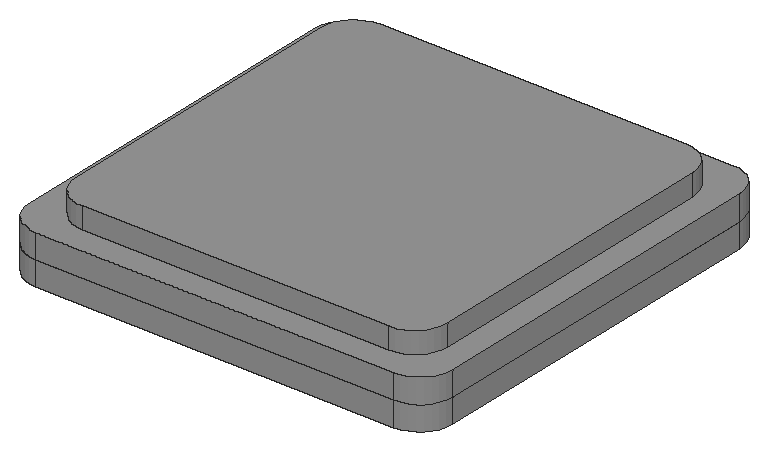
Revit family "FMS2_63_UN_Surface-mounted_ETK", category Lighting Fixtures, Revit 2019 (continued)
Definition of nested family "FMS.2 - Lightsource"
  Types (14, lengths in mm): name | Wattage Comments | Wattage | built-in parameter 1150134 | Photometric Web File | built-in parameter 1150142 | built-in parameter 1150105 | Lumens | built-in parameter 1150107 | built-in parameter 1150106 | Apparent Load
      73\t67.599\r\n64.4551\t61.3241\t58.206\t53.8559\t47.3886\t40.9212\t34.4668\t27.9994\t21.5449\t15.0776\r\n8.6193\t2.1596\t0\t0\t0\t0\t0\t0\t0\t0\r\n0\r\n473.6291\t473.2442\t472.8592\t472.4742\t472.0893\t471.7043\t471.3194\t470.9344\t470.5494\t470.1645\r\n469.6512\t469.1379\t468.6246\t468.1114\t467.5981\t466.9565\t466.4432\t465.8016\t465.2883\t464.6467\r\n464.0051\t463.3635\t462.7219\t462.0803\t461.4387\t460.1555\t458.6157\t457.0758\t455.4077\t453.7395\r\n452.1997\t450.5315\t448.8634\t447.1952\t445.527\t443.8589\t442.1907\t440.3942\t438.7261\t436.9296\r\n435.1331\t433.3366\t431.5402\t429.872\t428.0755\t426.279\t424.4826\t422.6861\t420.7613\t418.1949\r\n415.6285\t412.9338\t410.3674\t407.801\t405.2346\t402.6682\t399.9734\t397.407\t394.8406\t392.2742\r\n389.7078\t387.1414\t384.4467\t381.8803\t379.3139\t376.7475\t374.0528\t371.4864\t368.92\t366.3536\r\n363.6589\t360.7075\t357.4995\t354.4198\t351.2118\t348.0038\t344.7958\t341.5878\t338.3798\t335.3002\r\n332.0922\t329.0125\t325.8045\t322.7248\t319.5168\t316.4371\t313.3574\t310.1494\t307.0698\t303.8618\r\n300.6538\t297.5741\t294.2378\t290.7731\t287.4368\t283.9722\t280.6358\t277.1712\t273.8349\t270.3702\r\n266.9056\t263.5693\t260.1046\t256.7683\t253.3037\t249.9674\t246.631\t243.2947\t239.9584\t236.6221\r\n233.2858\t229.9494\t226.3565\t222.7635\t219.2989\t215.7059\t212.113\t208.6483\t205.0554\t201.5907\r\n197.9978\t194.5331\t191.0685\t187.4755\t184.0109\t180.5462\t176.9533\t173.4886\t170.024\t166.5594\r\n163.0947\t159.6301\t156.1654\t152.7008\t149.2362\t145.7715\t142.3069\t138.8422\t135.3776\t131.913\r\n128.4483\t125.0735\t121.6602\t118.2469\t114.8336\t111.4331\t108.0326\t104.6963\t101.5396\t98.3958\r\n95.2648\t92.1338\t89.0156\t85.8846\t82.7792\t79.6611\t76.5557\t73.4504\t70.3579\t67.2653\r\n64.1728\t61.0932\t58.0135\t54.9338\t50.3784\t43.9239\t37.4566\t31.0021\t24.5476\t18.0931\r\n11.6309\t5.1751\t0\t0\t0\t0\t0\t0\t0\t0\r\n0\r\n473.6291\t473.3725\t472.9875\t472.6026\t472.2176\t471.8326\t471.4477\t470.9344\t470.5494\t470.1645\r\n469.6512\t469.1379\t468.4963\t467.983\t467.3414\t466.8282\t466.1866\t465.545\t464.9034\t464.2618\r\n463.6202\t462.9786\t462.337\t461.567\t460.7971\t460.0272\t459.129\t457.4608\t455.7926\t454.1245\r\n452.4563\t450.9165\t449.12\t447.3235\t445.6554\t443.8589\t442.0624\t440.2659\t438.4694\t436.673\r\n434.8765\t433.08\t431.1552\t429.1021\t427.1773\t425.2525\t423.3277\t421.4029\t419.3498\t417.425\r\n415.3718\t413.3187\t410.7523\t408.0576\t405.4912\t402.7965\t400.1018\t397.407\t394.7123\t392.0176\r\n389.3229\t386.6282\t383.9334\t381.2387\t378.6723\t375.9776\t373.1546\t370.4598\t367.7651\t365.0704\r\n362.3757\t359.681\t356.9862\t354.1632\t351.4685\t348.2605\t345.0525\t341.8445\t338.6365\t335.4285\r\n332.2205\t328.8842\t325.6762\t322.4682\t319.2602\t315.9238\t312.7158\t309.5078\t306.1715\t302.9635\r\n299.7555\t296.5475\t293.3395\t290.2598\t287.1802\t283.9722\t280.5075\t277.0429\t273.5782\t270.1136\r\n266.5206\t263.056\t259.5914\t256.255\t252.7904\t249.4541\t245.9894\t242.5248\t239.1885\t235.8522\r\n232.3875\t229.0512\t225.7149\t222.3786\t219.1706\t215.7059\t212.113\t208.52\t204.927\t201.3341\r\n197.7411\t194.1482\t190.5552\t187.0906\t183.4976\t180.033\t176.5683\t172.9754\t169.5107\t166.0461\r\n162.5814\t159.1168\t155.6522\t152.1875\t148.7229\t145.2582\t141.7936\t138.329\t134.8643\t131.3997\r\n127.9607\t124.5474\t121.1341\t117.7336\t114.3331\t110.9583\t107.5835\t104.2215\t100.8595\t97.5489\r\n94.4435\t91.3382\t88.2585\t85.1788\t82.0991\t79.0323\t75.9783\t72.9243\t69.8702\t66.8291\r\n63.7879\t60.7595\t57.7312\t54.7156\t51.7001\t47.3501\t40.8956\t34.4283\t27.9738\t21.5064\r\n15.0519\t8.5974\t2.1404\t0\t0\t0\t0\t0\t0\t0\r\n0\r\n473.6291\t473.3725\t472.9875\t472.6026\t472.2176\t471.8326\t471.4477\t471.0627\t470.6778\t470.1645\r\n469.5229\t469.0096\t468.4963\t467.8547\t467.3414\t466.6998\t466.0582\t465.4166\t464.6467\t464.0051\r\n463.2352\t462.4653\t461.6954\t460.9254\t460.0272\t459.129\t458.2307\t457.3325\t456.4342\t454.7661\r\n452.9696\t451.1731\t449.3766\t447.5802\t445.7837\t443.9872\t442.1907\t440.3942\t438.4694\t436.4163\r\n434.4915\t432.4384\t430.5136\t428.4605\t426.5357\t424.4826\t422.4294\t420.5046\t418.4515\t416.3984\r\n414.217\t412.1638\t409.9824\t407.801\t405.6195\t403.0531\t400.3584\t397.6637\t394.8406\t392.1459\r\n389.4512\t386.7565\t383.8051\t380.9821\t378.159\t375.336\t372.513\t369.6899\t366.9952\t364.1722\r\n361.4774\t358.6544\t355.8314\t353.0083\t350.1853\t347.3622\t344.5392\t341.7162\t338.8931\t335.8134\r\n332.4771\t329.1408\t325.8045\t322.4682\t319.1318\t315.7955\t312.4592\t309.1229\t305.7866\t302.5786\r\n299.2422\t295.9059\t292.6979\t289.3616\t286.1536\t282.8173\t279.6093\t276.273\t273.065\t269.7286\r\n266.3923\t262.9277\t259.3347\t255.8701\t252.4054\t248.9408\t245.4762\t242.0115\t238.6752\t235.2106\r\n231.7459\t228.2813\t224.8166\t221.352\t218.0157\t214.551\t211.2147\t207.8784\t204.5421\t201.0774\r\n197.4845\t194.0198\t190.2986\t186.7056\t183.1126\t179.648\t176.055\t172.4621\t168.8691\t165.4045\r\n161.8115\t158.3469\t154.8822\t151.4176\t147.953\t144.4883\t141.152\t137.6874\t134.2227\t130.7581\r\n127.3319\t123.9315\t120.531\t117.1433\t113.7428\t110.3552\t106.9932\t103.6184\t100.2692\t96.9201\r\n93.5838\t90.2603\t87.1678\t84.1394\t81.1111\t78.0956\t75.0929\t72.0902\t69.1132\t66.149\r\n63.1976\t60.2462\t57.3077\t54.3692\t51.4435\t48.5306\t44.8478\t38.3677\t31.8747\t25.3945\r\n18.9144\t12.4393\t5.9605\t0\t0\t0\t0\t0\t0\t0\r\n0\r\n473.6291\t473.3725\t472.9875\t472.6026\t472.3459\t471.961\t471.576\t471.0627\t470.6778\t470.1645\r\n469.5229\t469.0096\t468.368\t467.8547\t467.2131\t466.5715\t465.9299\t465.16\t464.5184\t463.7485\r\n462.8502\t462.0803\t461.1821\t460.1555\t459.2573\t458.359\t457.4608\t456.4342\t455.4077\t454.2528\r\n453.0979\t451.8147\t450.0182\t448.2218\t446.4253\t444.5005\t442.4474\t440.3942\t438.4694\t436.4163\r\n434.4915\t432.4384\t430.3853\t428.3322\t426.279\t424.2259\t422.0445\t419.863\t417.6816\t415.3718\r\n413.1904\t411.009\t408.6992\t406.5178\t404.208\t402.0266\t399.8451\t397.407\t394.969\t392.6592\r\n389.7078\t386.8848\t383.9334\t381.1104\t378.2874\t375.336\t372.513\t369.5616\t366.6102\t363.6589\r\n360.7075\t357.7562\t354.8048\t351.9818\t349.0304\t346.2074\t343.256\t340.1763\t337.225\t334.2736\r\n331.4506\t328.4992\t325.5478\t322.5965\t319.6451\t316.1805\t312.7158\t309.3795\t305.9149\t302.4502\r\n299.1139\t295.6493\t292.1846\t288.8483\t285.3837\t282.0474\t278.8394\t275.503\t272.0384\t268.7021\r\n265.3658\t262.0294\t258.8214\t255.4851\t252.1488\t248.8125\t245.2195\t241.6266\t238.1619\t234.6973\r\n231.1043\t227.6397\t224.0467\t220.5821\t217.1174\t213.6528\t210.1882\t206.8518\t203.3872\t200.0509\r\n196.5862\t193.2499\t189.9136\t186.5773\t182.9843\t179.3914\t175.7984\t172.0771\t168.4842\t164.8912\r\n161.2982\t157.8336\t154.2406\t150.776\t147.183\t143.7184\t140.2538\t136.7891\t133.3245\t129.9882\r\n126.5364\t123.1102\t119.7097\t116.3221\t112.9473\t109.5724\t106.2233\t102.8741\t99.5378\t96.2143\r\n92.9165\t89.6187\t86.3465\t83.1\t79.9562\t77.0177\t74.092\t71.1791\t68.2791\t65.379\r\n62.4918\t59.6175\t56.7559\t53.8944\t51.0457\t48.2098\t45.3868\t42.5637\t36.2889\t29.7574\r\n23.2388\t16.7201\t10.1937\t3.67\t0\t0\t0\t0\t0\t0\r\n0\r\n473.6291\t473.3725\t472.9875\t472.7309\t472.3459\t471.961\t471.576\t471.191\t470.6778\t470.1645\r\n469.6512\t469.0096\t468.4963\t467.8547\t467.2131\t466.5715\t465.8016\t465.0317\t464.2618\t463.4918\r\n462.5936\t461.567\t460.6688\t459.6422\t458.744\t457.7174\t456.6909\t455.536\t454.3811\t453.0979\r\n451.943\t450.7882\t449.6333\t448.2218\t446.8102\t444.8854\t442.9606\t440.9075\t438.9827\t437.0579\r\n434.8765\t432.8234\t430.6419\t428.4605\t426.279\t424.0976\t421.9162\t419.6064\t417.2966\t414.9869\r\n412.6771\t410.3674\t408.0576\t405.7478\t403.3098\t400.8717\t398.4336\t395.9955\t393.4291\t390.991\r\n388.553\t386.1149\t383.6768\t381.1104\t378.4157\t375.721\t372.7696\t369.6899\t366.7386\t363.7872\r\n360.8358\t357.7562\t354.5482\t351.4685\t348.5171\t345.4374\t342.3578\t339.2781\t336.1984\t333.1187\r\n330.039\t326.9594\t323.8797\t320.8\t317.7203\t314.6406\t311.561\t308.6096\t305.5299\t302.4502\r\n299.3706\t296.0342\t292.4413\t289.105\t285.6403\t282.1757\t278.711\t275.1181\t271.6534\t268.1888\r\n264.7242\t261.2595\t257.7949\t254.4586\t250.9939\t247.5293\t244.193\t240.8566\t237.392\t234.0557\r\n230.7194\t227.383\t223.9184\t220.3254\t216.7325\t213.1395\t209.5466\t206.0819\t202.6173\t199.1526\r\n195.5597\t192.2234\t188.7587\t185.2941\t181.8294\t178.3648\t174.9002\t171.5638\t168.2275\t164.7629\r\n161.1699\t157.577\t153.984\t150.391\t146.7981\t143.3334\t139.7405\t136.2758\t132.6829\t129.2182\r\n125.8049\t122.3916\t119.004\t115.6163\t112.2287\t108.8539\t105.5047\t102.1684\t98.8706\t95.5856\r\n92.3262\t89.0797\t85.8461\t82.6381\t79.4301\t76.2606\t73.0911\t70.1269\t67.291\t64.468\r\n61.6578\t58.8604\t56.0758\t53.3041\t50.5581\t47.812\t45.066\t42.3456\t39.6252\t34.7619\r\n28.1534\t21.5321\t14.9236\t8.301\t1.6836\t0\t0\t0\t0\t0\r\n0\r\n473.6291\t473.3725\t473.1158\t472.7309\t472.4742\t472.0893\t471.7043\t471.3194\t470.8061\t470.1645\r\n469.6512\t469.1379\t468.4963\t467.8547\t467.2131\t466.4432\t465.8016\t464.9034\t464.1334\t463.2352\r\n462.2086\t461.3104\t460.2838\t459.3856\t458.2307\t457.2042\t456.0493\t454.7661\t453.4829\t452.328\r\n451.1731\t449.7616\t448.2218\t446.8102\t445.3987\t443.9872\t442.5757\t441.1642\t439.496\t437.8278\r\n435.6464\t433.465\t431.2835\t429.1021\t426.9206\t424.4826\t422.1728\t419.7347\t417.425\t415.1152\r\n412.6771\t410.3674\t407.801\t405.3629\t402.7965\t400.3584\t397.792\t395.2256\t392.7875\t390.0928\r\n387.3981\t384.7034\t382.137\t379.4422\t376.8758\t374.3094\t371.6147\t368.7917\t365.9686\t363.2739\r\n360.5792\t357.8845\t355.0614\t351.9818\t348.7738\t345.5658\t342.2294\t339.0214\t335.8134\t332.7338\r\n329.5258\t326.3178\t323.1098\t319.9018\t316.5654\t313.3574\t310.1494\t307.0698\t303.8618\t300.6538\r\n297.4458\t294.2378\t291.1581\t287.9501\t284.7421\t281.5341\t278.4544\t275.2464\t272.1667\t268.5738\r\n264.9808\t261.5162\t257.9232\t254.4586\t250.8656\t247.2726\t243.6797\t240.215\t236.6221\t233.1574\r\n229.6928\t226.2282\t222.8918\t219.4272\t215.9626\t212.4979\t209.0333\t205.697\t202.3606\t198.7677\r\n195.0464\t191.4534\t187.8605\t184.3958\t180.8029\t177.3382\t173.8736\t170.2806\t166.816\t163.3514\r\n160.015\t156.5504\t153.2141\t149.8778\t146.5414\t142.9485\t139.3555\t135.8909\t132.2979\t128.705\r\n125.2403\t121.7628\t118.2982\t114.8464\t111.4203\t108.0198\t104.645\t101.3215\t98.0493\t94.8028\r\n91.582\t88.3868\t85.1788\t82.0093\t78.8526\t75.7345\t72.642\t69.5623\t66.5083\t63.4671\r\n60.6184\t57.8723\t55.1648\t52.47\t49.7882\t47.1319\t44.5014\t41.8708\t39.2531\t36.6482\r\n33.7353\t26.9729\t20.2232\t13.4608\t6.6996\t0\t0\t0\t0\t0\r\n0\r\n473.6291\t473.3725\t473.1158\t472.8592\t472.4742\t472.2176\t471.8326\t471.4477\t470.8061\t470.2928\r\n469.7795\t469.2662\t468.6246\t467.983\t467.3414\t466.5715\t465.8016\t464.9034\t464.0051\t463.1069\r\n462.0803\t461.0538\t460.1555\t459.0006\t457.9741\t456.6909\t455.4077\t454.1245\t452.9696\t451.6864\r\n450.1466\t448.735\t447.1952\t445.7837\t444.3722\t442.8323\t441.2925\t439.6243\t437.8278\t436.1597\r\n434.4915\t432.8234\t431.0269\t429.1021\t427.1773\t425.2525\t423.071\t420.633\t418.3232\t415.8851\r\n413.3187\t410.8806\t408.3142\t405.7478\t403.1814\t400.615\t397.9203\t395.0973\t392.4026\t389.7078\r\n387.1414\t384.3184\t381.6237\t378.929\t376.1059\t373.2829\t370.4598\t367.7651\t364.8138\t361.9907\r\n359.0394\t356.088\t353.1366\t350.1853\t347.3622\t344.4109\t341.4595\t338.5082\t335.4285\t332.4771\r\n329.5258\t326.5744\t323.3664\t319.9018\t316.6938\t313.3574\t310.0211\t306.6848\t303.3485\t299.8838\r\n296.5475\t293.2112\t289.8749\t286.6669\t283.2022\t279.8659\t276.6579\t273.3216\t270.1136\t266.649\r\n263.3126\t260.1046\t256.8966\t253.6886\t250.3523\t247.2726\t243.9363\t240.6\t237.1354\t233.5424\r\n229.8211\t226.2282\t222.6352\t218.9139\t215.321\t211.8563\t208.2634\t204.6704\t201.0774\t197.6128\r\n194.0198\t190.5552\t187.0906\t183.7542\t180.2896\t176.6966\t173.232\t169.639\t166.0461\t162.4531\r\n158.9885\t155.5238\t152.0592\t148.5946\t145.1299\t141.6653\t138.329\t134.8643\t131.528\t128.1788\r\n124.7912\t121.4036\t117.7978\t114.3331\t110.9198\t107.5193\t104.1317\t100.7569\t97.4077\t94.0842\r\n90.7992\t87.5399\t84.3191\t81.1496\t78.0442\t74.9517\t71.8849\t68.8565\t65.841\t62.864\r\n59.9254\t57.0254\t54.1639\t51.4435\t48.8643\t46.3107\t43.77\t41.242\t38.7398\t36.2504\r\n33.7738\t31.2972\t26.4596\t19.4405\t12.4111\t5.3817\t0\t0\t0\t0\r\n0\r\n473.6291\t473.3725\t473.1158\t472.8592\t472.6026\t472.3459\t471.961\t471.4477\t470.9344\t470.4211\r\n469.9078\t469.3946\t468.753\t468.1114\t467.4698\t466.6998\t465.8016\t465.0317\t464.0051\t463.1069\r\n462.0803\t461.0538\t460.0272\t459.0006\t457.7174\t456.4342\t455.151\t453.8678\t452.5846\t451.0448\r\n449.6333\t448.0934\t446.6819\t445.1421\t443.6022\t441.9341\t440.1376\t438.4694\t436.8013\t435.0048\r\n433.2083\t431.2835\t429.3587\t427.4339\t425.3808\t423.456\t421.4029\t419.4781\t417.2966\t415.2435\r\n413.0621\t410.8806\t408.6992\t406.3894\t404.0797\t401.385\t398.6902\t395.9955\t393.3008\t390.4778\r\n387.6547\t384.8317\t382.137\t379.3139\t376.4909\t373.5395\t370.5882\t367.6368\t364.5571\t361.6058\r\n358.6544\t355.703\t352.6234\t349.5437\t346.464\t343.256\t340.1763\t337.225\t334.017\t330.9373\r\n327.8576\t324.7779\t321.6982\t318.4902\t315.4106\t312.0742\t308.8662\t305.6582\t302.5786\t299.4989\r\n296.2909\t292.9546\t289.8749\t286.6669\t283.3306\t279.7376\t276.273\t272.9366\t269.472\t266.0074\r\n262.5427\t259.0781\t255.6134\t252.1488\t248.8125\t245.3478\t241.8832\t238.4186\t234.9539\t231.6176\r\n228.2813\t224.945\t221.4803\t218.144\t214.8077\t211.4714\t208.135\t204.7987\t201.4624\t198.1261\r\n194.4048\t190.6835\t186.9622\t183.3693\t179.648\t176.1834\t172.5904\t168.9974\t165.4045\t161.9398\r\n158.2186\t154.6256\t151.161\t147.6963\t144.36\t140.8954\t137.559\t133.9661\t130.3731\t126.9341\r\n123.4695\t119.992\t116.5402\t113.1269\t109.8548\t106.6211\t103.4516\t100.2821\t97.1511\t93.7506\r\n90.3629\t86.9881\t83.6903\t80.4438\t77.2358\t74.092\t70.9995\t67.9711\t65.0069\t62.094\r\n59.2197\t56.3838\t53.5864\t50.8147\t48.0815\t45.3868\t42.7691\t40.331\t37.9314\t35.5575\r\n33.2092\t30.8866\t28.564\t26.2671\t19.2993\t11.8029\t4.2987\t0\t0\t0\r\n0\r\n473.6291\t473.5008\t473.2442\t472.9875\t472.7309\t472.4742\t472.0893\t471.7043\t471.191\t470.6778\r\n470.1645\t469.5229\t469.0096\t468.368\t467.5981\t466.8282\t466.0582\t465.16\t464.1334\t463.2352\r\n462.2086\t461.1821\t460.1555\t459.0006\t457.7174\t456.3059\t455.0227\t453.8678\t452.328\t450.9165\r\n449.3766\t447.8368\t446.297\t444.7571\t443.089\t441.4208\t439.6243\t437.8278\t436.0314\t434.2349\r\n432.3101\t430.257\t428.3322\t426.279\t424.2259\t422.1728\t420.1197\t417.9382\t415.7568\t413.447\r\n411.2656\t408.9558\t406.6461\t404.208\t401.7699\t399.3318\t397.0221\t394.4557\t391.8893\t389.4512\r\n386.8848\t384.4467\t381.8803\t379.1856\t376.4909\t373.7962\t370.9731\t368.2784\t365.712\t362.889\r\n359.681\t356.6013\t353.3933\t350.1853\t346.9773\t343.8976\t340.6896\t337.4816\t334.2736\t331.1939\r\n327.9859\t324.7779\t321.4416\t318.1053\t314.769\t311.561\t308.353\t305.0166\t301.6803\t298.344\r\n295.0077\t291.6714\t288.335\t284.9987\t281.6624\t278.3261\t274.9898\t271.6534\t268.3171\t264.9808\r\n261.7728\t258.3082\t254.8435\t251.3789\t248.0426\t244.7062\t241.4982\t238.1619\t234.6973\t231.1043\r\n227.6397\t224.3034\t220.7104\t217.1174\t213.5245\t209.9315\t206.3386\t202.8739\t199.5376\t195.9446\r\n192.48\t189.0154\t185.5507\t182.0861\t178.4931\t175.0285\t171.5638\t168.2275\t164.8912\t161.5549\r\n158.2186\t154.8822\t151.4176\t147.6963\t143.8467\t140.1254\t136.6608\t133.1962\t129.7315\t126.1771\r\n122.6483\t119.1195\t115.6676\t112.2928\t108.9565\t105.633\t102.2967\t98.8834\t95.4957\t92.1466\r\n88.8359\t85.6151\t82.4713\t79.3659\t76.2862\t73.2579\t70.191\t67.1242\t64.1087\t61.1573\r\n58.2701\t55.4599\t52.6882\t49.9806\t47.3116\t44.681\t42.1146\t39.5867\t37.1101\t34.6977\r\n32.4136\t30.1809\t27.9994\t25.8308\t23.7007\t20.1847\t11.8106\t3.4133\t0\t0\r\n0\r\n473.6291\t473.5008\t473.2442\t473.1158\t472.8592\t472.6026\t472.3459\t471.8326\t471.3194\t470.8061\r\n470.4211\t469.7795\t469.2662\t468.6246\t467.8547\t467.0848\t466.3149\t465.4166\t464.3901\t463.4918\r\n462.4653\t461.4387\t460.4122\t459.2573\t457.8458\t456.5626\t455.2794\t453.8678\t452.4563\t450.9165\r\n449.505\t447.9651\t446.4253\t444.7571\t442.9606\t441.2925\t439.496\t437.6995\t435.903\t433.9782\r\n431.9251\t429.872\t427.9472\t425.8941\t423.7126\t421.5312\t419.4781\t417.2966\t414.8586\t412.5488\r\n410.239\t407.9293\t405.4912\t403.0531\t400.615\t398.177\t395.4822\t392.9158\t390.3494\t387.9114\r\n385.2166\t382.6502\t379.8272\t377.0042\t374.3094\t371.4864\t368.7917\t365.9686\t363.1456\t360.3226\r\n357.3712\t354.2915\t351.3402\t348.3888\t345.4374\t342.4861\t339.5347\t336.5834\t333.632\t330.5523\r\n327.3443\t324.2646\t321.185\t318.1053\t315.0256\t311.8176\t308.7379\t305.5299\t302.3219\t299.2422\r\n296.0342\t292.6979\t289.105\t285.7686\t282.304\t278.9677\t275.503\t272.0384\t268.7021\t265.1091\r\n261.6445\t258.1798\t254.7152\t251.2506\t247.7859\t244.193\t240.6\t237.1354\t233.6707\t230.2061\r\n226.6131\t223.0202\t219.5555\t215.9626\t212.6262\t209.1616\t205.5686\t202.104\t198.6394\t195.0464\r\n191.5818\t188.1171\t184.5242\t181.0595\t177.5949\t174.1302\t170.6656\t167.201\t163.7363\t160.2717\r\n156.6787\t153.0858\t149.4928\t145.8998\t142.3069\t138.8422\t135.3776\t131.913\t128.4483\t125.0607\r\n121.6602\t118.2725\t114.8977\t111.5486\t108.3277\t105.1197\t101.9374\t98.6011\t95.1108\t91.6461\r\n88.22\t84.8708\t81.573\t78.3779\t75.2468\t72.18\t69.2286\t66.2644\t63.2361\t60.2847\r\n57.3975\t54.5873\t51.8798\t49.2236\t46.5417\t43.8469\t41.2292\t38.6885\t36.2247\t33.838\r\n31.5539\t29.3468\t27.191\t25.1122\t23.1618\t21.2498\t19.3892\t13.1913\t2.7255\t0\r\n0\r\n473.6291\t473.5008\t473.3725\t473.1158\t472.9875\t472.7309\t472.4742\t471.961\t471.576\t471.0627\r\n470.6778\t470.1645\t469.6512\t468.8813\t468.2397\t467.4698\t466.6998\t465.8016\t464.9034\t463.8768\r\n462.8502\t461.952\t460.9254\t459.6422\t458.2307\t456.9475\t455.7926\t454.2528\t452.8413\t451.4298\r\n449.8899\t448.3501\t446.8102\t445.1
      421\t443.3456\t441.6774\t439.881\t438.0845\t436.1597\t434.2349\r\n432.1818\t430.257\t428.2038\t426.0224\t423.841\t421.6595\t419.6064\t417.2966\t414.8586\t412.5488\r\n410.239\t407.801\t405.3629\t402.9248\t400.4867\t397.792\t395.0973\t392.5309\t390.0928\t387.3981\r\n384.8317\t382.0086\t379.0573\t376.3626\t373.5395\t370.7165\t367.8934\t365.0704\t362.119\t359.1677\r\n356.2163\t353.1366\t350.057\t347.1056\t344.0259\t341.0746\t338.1232\t335.0435\t331.9638\t328.7558\r\n325.5478\t322.3398\t319.2602\t316.0522\t312.8442\t309.6362\t306.4282\t303.0918\t299.8838\t296.5475\r\n293.2112\t290.0032\t286.6669\t283.4589\t280.1226\t276.7862\t273.5782\t270.2419\t266.7773\t263.441\r\n260.1046\t256.7683\t253.3037\t249.9674\t246.5027\t243.1664\t239.7018\t236.2371\t232.7725\t229.3078\r\n225.9715\t222.5069\t219.0422\t215.7059\t212.2413\t208.7766\t205.312\t201.719\t198.3827\t194.9181\r\n191.3251\t187.8605\t184.5242\t181.1878\t177.7232\t174.2586\t170.6656\t167.0726\t163.608\t160.1434\r\n156.5504\t153.0858\t149.3645\t145.6432\t142.0502\t138.329\t134.8643\t131.3997\t127.8324\t124.2266\r\n120.7748\t117.3486\t113.8583\t110.3552\t106.9291\t103.5286\t100.1794\t96.8688\t93.5453\t90.2603\r\n87.001\t83.7801\t80.6106\t77.5181\t74.3229\t71.2176\t68.1379\t65.1224\t62.1454\t59.2967\r\n56.5121\t53.7789\t51.1099\t48.4665\t45.6819\t42.9744\t40.3566\t37.8159\t35.3778\t33.0296\r\n30.784\t28.6667\t26.5494\t24.368\t22.3277\t20.5055\t18.8374\t17.49\t16.3865\t2.3149\r\n0" | 89.127 (stored number, unit not read) | 1120 lm | 3000 (stored number, unit not read) | 0.89127 (stored number, unit not read) | 18 VA
